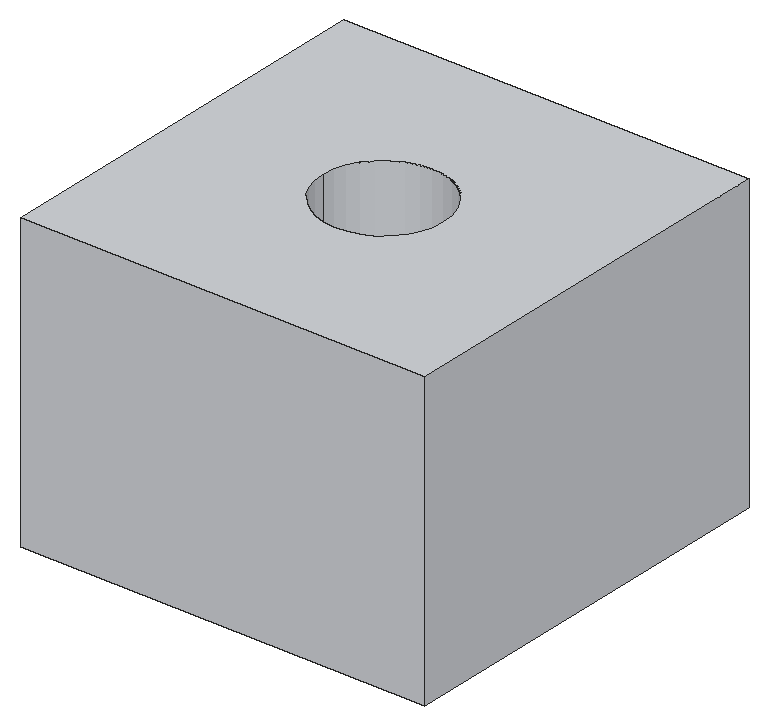
Revit family "1312xxx Gramos Round", category Lighting Fixtures, Revit 2018
Family settings
  Round Connector Dimension = Use Diameter
  Part Type = Normal
  OmniClass Number = 23.80.70.00
  OmniClass Title = Lighting
  Work Plane-Based = No
  Always vertical = Yes
  Cut with Voids When Loaded = No
  Light Source = No
  Shared = No
  Room Calculation Point = No
Parameters (values of type "1312xxx Gramos Round")
  Wattage Comments = "6W Max LED GU10"
  Product Weight (KG) = "0.48"
  Product URL = "https://www.astrolighting.com/products/7953"
  Product SKU = "1312005"
  Product Name = "Gramos Round"
  Product Location = "Ground"
  Product Dimensions (MM) = "Ø105mm x D112m"
  Product CRI = "Lamp Dependent"
  Product CCT = "Lamp Dependent"
  Power (W) = "6W"
  Manufacturer URL - North America = "us.astrolighting.com"
  Manufacturer URL - Europe and Rest of World = "www.astrolighting.com"
  Main Material = "Brass"
  Main Finish = "Natural Brass"
  Location / IP Rating = "IP65"
  Light Source Fixed = "Yes"
  Length of Cable Supplied = "300mm"
  Lamp = "GU10"
  Electrical Class = "I"
  Efficacy (lm/W) = "Lamp Dependent"
  Driver Required = "No"
  Driver Included = "N/A"
  Dimming Method = "Lamp Dependent"
  Dimmable = "Yes"
  ADA compliant = "N/A"
Types (4, lengths in mm): name | Wattage Comments | Product Weight (KG) | Product URL | Product SKU | Product Name | Product Location | Product Dimensions (MM) | Product CRI | Product CCT | Power (W) | Main Material | Main Finish | Location / IP Rating | Light Source Fixed | Length of Cable Supplied | Lamp | Electrical Class | Efficacy (lm/W) | Driver Required | Driver Included | Dimming Method | Dimmable | ADA compliant
  (no name) | "6W Max LED GU10" | "0.48" | "https://www.astrolighting.com/products/7953" | "1312005" | "Gramos Round" | "Ground" | "Ø105mm x D112m" | "Lamp Dependent" | "Lamp Dependent" | "6W" | "Brass" | "Natural Brass" | "IP65" | "Yes" | "300mm" | "GU10" | "I" | "Lamp Dependent" | "No" | "N/A" | "Lamp Dependent" | "Yes" | "N/A"
  CE | 0 | "" | "" | "1234567" | "" | "" | "" | "80/ 90" | "2700K / 3000K" | "" | "" | "" | "" | "" | "" | 0 | "" | "" | "" | "" | "" | "" | ""
  ETL | 0 | "" | "" | "1234567" | "" | "" | "" | "80 / 90" | "2700K / 3000K" | "" | "" | "" | "" | "" | "" | 0 | "" | "" | "" | "" | "" | "" | ""
  1312xxx Gramos Round | "6W Max LED GU10" | "0.48" | "https://www.astrolighting.com/products/7953" | "1312005" | "Gramos Round" | "Ground" | "Ø105mm x D112m" | "Lamp Dependent" | "Lamp Dependent" | "6W" | "Brass" | "Natural Brass" | "IP65" | "Yes" | "300mm" | "GU10" | "I" | "Lamp Dependent" | "No" | "N/A" | "Lamp Dependent" | "Yes" | "N/A"
Reference planes
  plane 1 "Light Source Axis (F/B)": y = 0
  plane 2: z = 0
  plane 3 "Light Source Axis (L/R)": x = 0
  plane 4 "Light Source Elevation": z = 1500
Forms (mm)
  Extrusion 1, solid
    sketch origin (1.744, 3.752, 0) x (1, 0, 0) y (0, 1, 0)
      loop
        line (-151.744, 146.248) -> (-151.744, -153.752) -> (148.256, -153.752) -> (148.256, 146.248) -> (-151.744, 146.248)
      loop
        circle (-2.021, -4.042) r 45
    from -218.571 to 0
Dimensions and locks
  Extrusion 1 sketch curve to Extrusion 1 sketch curve = 300 mm
  aligned and locked: level to plane 2
